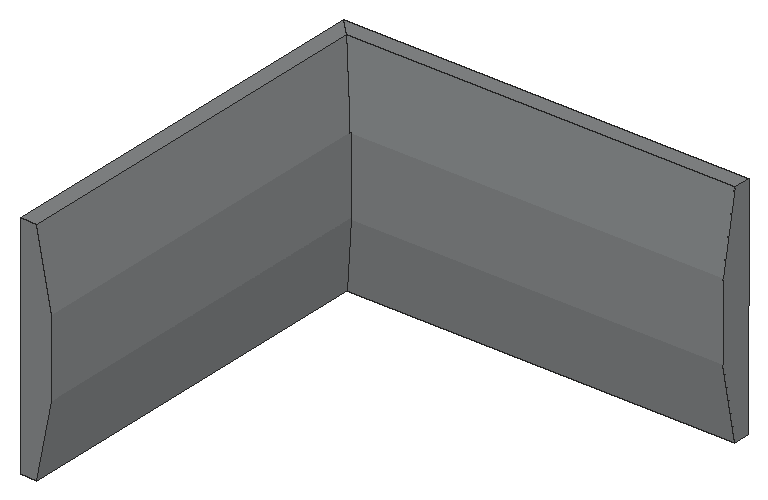
Revit family "Furniture_Chair_Abaco+ 819", category Furniture, Revit 2019
Family settings
  OmniClass Number = 23.21.23.15.17
  Work Plane-Based = Yes
  Always vertical = No
  Cut with Voids When Loaded = No
  Shared = No
  Room Calculation Point = No
Parameters (values of type "Abaco+ 819")
  Youtube clip = ""
  Uniformat II Description = "Movable Furnishings"
  Uniformat II Code = ""
  Uniclass 2015 Name = ""
  Uniclass 2015 Code = ""
  Uniclass 2.0 Description = ""
  Uniclass 2.0 Code = ""
  Uniclass 1.4 Description = ""
  Uniclass 1.4 Code = ""
  UNSPSC Code = ""
  Technical description = ""
  Region South America = "All"
  Region Oceania = "All"
  Region North America = "All"
  Region Middle East = "All"
  Region Europe = "All"
  Region Asia = "All"
  Region Antarctica = "All"
  Region Africa = "All"
  QR code = "https://www.sandlerseating.com/product/abaco-819/"
  Product url = "https://www.sandlerseating.com/product/abaco-819/"
  Product name = "Abaco+ 819"
  Product group = "Chair"
  Product family = "Furniture"
  Product data url = "https://www.sandlerseating.com/product/abaco-819/"
  Product certification = ""
  Product SKU = "??"
  Product Guid = "??"
  OmniClass Description = ""
  OmniClass Code = "23-21 23 15 17"
  NBS Reference Description = ""
  NBS Reference Code = ""
  Model = "Abaco+ 819"
  Masterformat 2014 Description = "Chair Mats"
  Masterformat 2014 Code = "12 48 43.13"
  Manufacturer name = "Sandler"
  Manufacturer country = "USA"
  Manufacturer = "Sandler"
  Installation instructions = ""
  IFC Classification = "Furnishing Element"
  GTIN code = ""
  Edition number = 1
  Design country = "Brasil"
  Description = "Chair"
  Default Elevation = 0.000 mm
  Date of publishing = ""
  COBIe Type Category = ""
  Brand url = "https://www.sandlerseating.com/"
  Back Material = Leather - Positive AK019
  BIMobject main category code = "furniture"
  BIMobject main category = "Furniture"
  BIMobject category code = "furniture-chair"
  BIMobject category = "Chair"
Reference planes
  plane 1 "Center Front/Back": y = 0
  plane 2: z = 0
  plane 3 "Center Left/Right": x = 0
  plane 4: x = 300
  plane 5: x = -300
  plane 6: y = -50
  plane 7: z = 340
Forms (mm)
  Extrusion 1, solid, material "Leather - Positive AK019" <- "Back Material"
    sketch origin (0, 0, 0) x (0, 1, 0) y (0, 0, 1)
      loop
        line (0, 340) -> (-25, 340)
        arc (-25, 340) -> (-50, 170) -> (-25, 0) r 590.5
        line (-25, 0) -> (0, 0) -> (0, 340)
    from -300 to 300
  Extrusion 2, solid, material "Leather - Positive AK019" <- "Back Material"
    sketch origin (-300, -300, 0) x (-1, 0, 0) y (0, 0, 1)
      loop
        line (0, 340) -> (-25, 340)
        arc (-25, 340) -> (-50, 170) -> (-25, 0) r 590.5
        line (-25, 0) -> (0, 0) -> (0, 340)
    from -300 to 300
  Extrusion 3, void
    sketch origin (0, 0, 840) x (-1, 0, 0) y (0, -1, 0)
      loop
        line (300, 0) -> (250, 50) -> (250, 0) -> (300, 0)
    from -840 to -500
  Extrusion 4, void
    sketch origin (0, 0, 840) x (-1, 0, 0) y (0, -1, 0)
      loop
        line (300, 0) -> (300, 50) -> (250, 50) -> (300, 0)
    from -840 to -500
Cuts and joins
  Extrusion 4 cuts Extrusion 1
  Extrusion 3 cuts Extrusion 2
Dimensions and locks
  aligned and locked: level to plane 2
